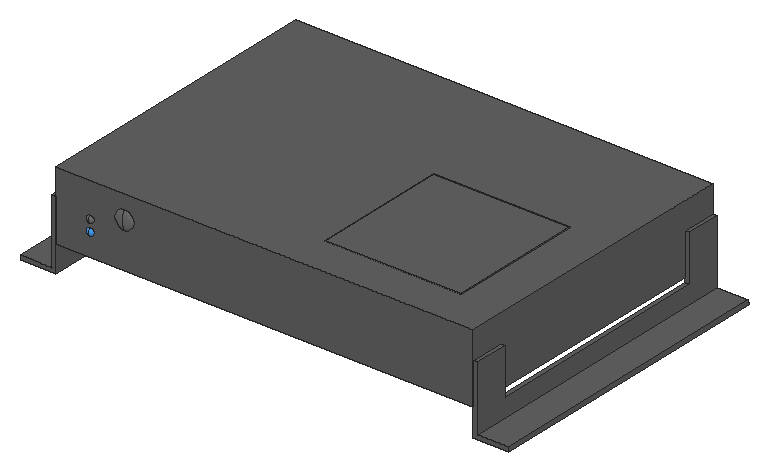
Revit family "Network AV Expander-Q-SYS-QIO-VEN4", category Communication Devices, host Face, Revit 2023
Family settings
  Host = Face
  Round Connector Dimension = Use Diameter
  Part Type = Normal
  OmniClass Number = 23.85.10.14
  OmniClass Title = Visual Information Systems
  Cut with Voids When Loaded = No
  Maintain Annotation Orientation = No
  Shared = No
  Room Calculation Point = No
Parameters (values of type "Under Surface")
  Width = 215.007 mm
  Weight Product = 1.72
  Weight Dimensional = 1.72
  Weight = 1.72 lbm
  Under Surface = not(On Surface)  # yes
  URL = "https://www.qsys.com/"
  Type Comments = "Under Surface"
  Product Page URL = "https://www.qsys.com/products/q-sys/roomsuite/roomsuite-modular-system/"
  Product Documentation Link = "https://www.qsys.com/resource-files/productresources/dn/roomsuite/q_dn_roomsuite_specsheet.pdf"
  Part Number = ""
  On Surface = no
  Model = "QIO-VEN4"  # constant formula
  Manufacturer URL = "https://www.qsys.com/"
  Manufacturer = "Q-SYS"
  LED X Offset = if(Under Surface, 15.0 mm, Body Width - 15.0 mm)  # 15.0 mm
  LED Material = Plastic - Q-SYS - LED Blue
  LED 2 Y Offset = if(Under Surface, 15.0 mm, Body Height - 15.0 mm)  # 15.0 mm
  LED 1 Y Offset = if(Under Surface, 10.0 mm, Body Height - 10.0 mm)  # 10.0 mm
  Intake Y Offset = 17.0 mm
  Intake X Offset = if(On Surface, 23.0 mm, Body Width - 23.0 mm - 60.0 mm)  # 104.4 mm
  IQ Category = "Network AV Expander"  # constant formula
  Highlight Material = Plastic - Q-SYS - Black
  Height = 30.5 mm
  Grille Material = Paint - Q-SYS - Black Mesh
  Frame Height = 30.5 mm
  Frame Depth = 2.0 mm
  Description = "Network AV Expander for Q-SYS RoomSuite Modular System platform."  # constant formula
  Depth = 131.5 mm
  Default Elevation = 1219.2 mm
  Button Y Offset = if(Under Surface, 20.0 mm, Body Height - 20.0 mm)  # 20.0 mm
  Button X Offset = if(Under Surface, 30.0 mm, Body Width - 30.0 mm)  # 30.0 mm
  Body Width = 187.4 mm
  Body Offset = if(On Surface, 0.0 mm, 12.0 mm)  # 12.0 mm
  Body Material = Paint - Q-SYS - Black
  Body Height = 30.5 mm
Types (3, lengths in mm): name | Under Surface | Type Comments | On Surface | LED X Offset | LED 2 Y Offset | LED 1 Y Offset | Intake X Offset | Button Y Offset | Button X Offset | Body Offset
  (no name) | yes | "Under Surface" | no | 15.0 | 15.0 | 10.0 | 104.4 | 20.0 | 30.0 | 12.0
  On Surface | no | "On Surface" | yes | 172.4 | 15.5 | 20.5 | 23.0 | 10.5 | 157.4 | 0.0
  Under Surface | yes | "Under Surface" | no | 15.0 | 15.0 | 10.0 | 104.4 | 20.0 | 30.0 | 12.0
Reference planes
  plane 1 "Center (Front/Back)": y = 0
  plane 2: z = 0
  plane 3 "Center (Left/Right)": x = 0
  plane 4 "Back": y = 65.75
  plane 5 "Front": y = -65.75
  plane 6 "Left": x = -107.504
  plane 7 "Right": x = 107.504
  plane 8 "frame left": x = -93.7
  plane 9 "frame right": x = 93.7
  plane 10 "body left": x = -91.7
  plane 11 "body right": x = 91.7
  plane 12 "Bottom": z = 0
  plane 13 "Top": z = 42.5
  plane 14 "frame top": z = 30.5
  plane 15: z = 2
  plane 16 "body bottom": z = 12
  plane 17: y = 50.75
  plane 18: y = -50.75
  plane 19: z = 10
  plane 20 "1": z = 22
  plane 21 "2": z = 27
  plane 22 "3": z = 32
  plane 23: x = -61.7
  plane 24: x = -76.7
  plane 25 "intake left": x = 12.7
  plane 26 "intake right": x = 72.7
  plane 27: y = 11.25
  plane 28: y = -48.75
Forms (mm)
  Extrusion 1, solid, material "Paint - Q-SYS - Black" <- "Body Material", detail levels medium+fine
    sketch origin (0, 0, 0) x (1, 0, 0) y (0, 0, 1)
      loop
        line (-107.504, 2) -> (-107.504, 0) -> (-91.7, 0) -> (-91.7, 30.5) -> (-93.7, 30.5) -> (-93.7, 2) -> (-107.504, 2)
      loop
        line (107.504, 2) -> (93.7, 2) -> (93.7, 30.5) -> (91.7, 30.5) -> (91.7, 0) -> (107.504, 0) -> (107.504, 2)
    from -65.75 to 65.75
  Extrusion 2, void
    sketch origin (0, 0, 0) x (0, 1, 0) y (0, 0, 1)
      loop
        line (50.75, 42.5) -> (-50.75, 42.5) -> (-50.75, 10) -> (50.75, 10) -> (50.75, 42.5)
    from -107.504 to 107.504
  Revolve 3, solid, material "Plastic - Q-SYS - Black" <- "Highlight Material", detail levels fine
    sketch origin (-61.7, -4572, 176.475) x (0, 0, 1) y (0, -1, 0)
      loop
        spline (-140.475, -4506.25) -> (-140.509, -4506.146) -> (-140.611, -4506.043) -> (-140.779, -4505.944) -> (-141.011, -4505.85) -> (-141.301, -4505.763) -> (-141.646, -4505.684) -> (-142.04, -4505.615) -> (-142.475, -4505.557) -> (-142.944, -4505.511) -> (-143.439, -4505.477) -> (-143.953, -4505.457) -> (-144.475, -4505.45)
        line (-144.475, -4505.45) -> (-144.475, -4506.25) -> (-140.475, -4506.25)
      axis (-144.475, -4506.25) -> (-144.475, -4505.25)
    angle from 0 to 360
  Revolve 4, solid, material "Plastic - Q-SYS - LED Blue" <- "LED Material", detail levels fine
    sketch origin (-76.7, -4572, 176.475) x (0, 0, 1) y (0, -1, 0)
      loop
        line (-154.475, -4506.25) -> (-152.982, -4506.25)
        spline (-152.982, -4506.25) -> (-152.994, -4506.146) -> (-153.033, -4506.043) -> (-153.095, -4505.944) -> (-153.182, -4505.85) -> (-153.29, -4505.763) -> (-153.419, -4505.684) -> (-153.566, -4505.615) -> (-153.728, -4505.557) -> (-153.903, -4505.511) -> (-154.088, -4505.477) -> (-154.28, -4505.457) -> (-154.475, -4505.45)
        line (-154.475, -4505.45) -> (-154.475, -4506.25)
      axis (-154.475, -4506.25) -> (-154.475, -4505.25)
    angle from 0 to 360
  Revolve 5, solid, material "Plastic - Q-SYS - Black" <- "Highlight Material", detail levels fine
    sketch origin (-76.7, -4572, 176.475) x (0, 0, 1) y (0, -1, 0)
      loop
        line (-149.475, -4506.25) -> (-147.982, -4506.25)
        spline (-147.982, -4506.25) -> (-147.994, -4506.146) -> (-148.033, -4506.043) -> (-148.095, -4505.944) -> (-148.182, -4505.85) -> (-148.29, -4505.763) -> (-148.419, -4505.684) -> (-148.566, -4505.615) -> (-148.728, -4505.557) -> (-148.903, -4505.511) -> (-149.088, -4505.477) -> (-149.28, -4505.457) -> (-149.475, -4505.45)
        line (-149.475, -4505.45) -> (-149.475, -4506.25)
      axis (-149.475, -4506.25) -> (-149.475, -4505.25)
    angle from 0 to 360
  Extrusion 6, solid, detail levels coarse
    sketch origin (0, 0, 0) x (1, 0, 0) y (0, 1, 0)
      loop
        line (-107.504, 65.75) -> (-107.504, -65.75) -> (107.504, -65.75) -> (107.504, 65.75) -> (-107.504, 65.75)
    from 0 to 42.5
  Extrusion 7, solid, material "Paint - Q-SYS - Black Mesh" <- "Grille Material", detail levels medium+fine
    sketch origin (0, 0, 42.5) x (-1, 0, 0) y (0, -1, 0)
      loop
        line (-12.7, -11.25) -> (-12.7, 48.75) -> (-72.7, 48.75) -> (-72.7, -11.25) -> (-12.7, -11.25)
    from -30.5 to 0
  Extrusion 8, solid, material "Paint - Q-SYS - Black" <- "Body Material", detail levels medium+fine
    sketch origin (0, 0, 42.5) x (-1, 0, 0) y (0, -1, 0)
      loop
        line (91.7, -65.75) -> (91.7, 65.75) -> (-91.7, 65.75) -> (-91.7, -65.75) -> (91.7, -65.75)
      loop
        line (-12.7, -11.25) -> (-12.7, 48.75) -> (-72.7, 48.75) -> (-72.7, -11.25) -> (-12.7, -11.25)
    from -30.5 to 0
Cuts and joins
  Extrusion 2 cuts Extrusion 1
Lines and regions (mm)
  Masking region 1
    outline origin (0, 0, 0) x (1, 0, 0) y (0, 1, 0)
      loop
        line (-107.504, 65.75) -> (-107.504, -65.75) -> (107.504, -65.75) -> (107.504, 65.75) -> (-107.504, 65.75)
  Masking region 2, detail levels coarse
    outline origin (0, 0, 0) x (1, 0, 0) y (0, 0, 1)
      loop
        line (107.504, 42.5) -> (-107.504, 42.5) -> (-107.504, 0) -> (107.504, 0) -> (107.504, 42.5)
  Masking region 3, detail levels medium+fine
    outline origin (0, 0, 0) x (1, 0, 0) y (0, 0, 1)
      loop
        line (-93.7, 30.5) -> (-93.7, 2) -> (-107.504, 2) -> (-107.504, 0) -> (-91.7, 0) -> (-91.7, 30.5) -> (-93.7, 30.5)
      loop
        line (107.504, 2) -> (93.7, 2) -> (93.7, 30.5) -> (91.7, 30.5) -> (91.7, 0) -> (107.504, 0) -> (107.504, 2)
  Masking region 4, detail levels medium+fine
    outline origin (0, 0, 0) x (1, 0, 0) y (0, 0, 1)
      loop
        line (91.7, 42.5) -> (-91.7, 42.5) -> (-91.7, 12) -> (91.7, 12) -> (91.7, 42.5)
  Masking region 5, detail levels coarse
    outline origin (0, 0, 0) x (0, 1, 0) y (0, 0, 1)
      loop
        line (-65.75, 42.5) -> (-65.75, 0) -> (65.75, 0) -> (65.75, 42.5) -> (-65.75, 42.5)
  Masking region 6, detail levels medium+fine
    outline origin (0, 0, 0) x (0, 1, 0) y (0, 0, 1)
      loop
        line (-50.75, 10) -> (-50.75, 30.5) -> (-65.75, 30.5) -> (-65.75, 0) -> (65.75, 0) -> (65.75, 30.5) -> (50.75, 30.5) -> (50.75, 10) -> (-50.75, 10)
  Masking region 7, detail levels medium+fine
    outline origin (0, 0, 0) x (0, 1, 0) y (0, 0, 1)
      loop
        line (-65.75, 42.5) -> (-65.75, 12) -> (65.75, 12) -> (65.75, 42.5) -> (-65.75, 42.5)
  symbolic lines, detail levels medium+fine
    curve 1: line (-91.7, 65.75, 0) -> (-91.7, -65.75, 0)
    curve 2: line (91.7, -65.75, 0) -> (91.7, 65.75, 0)
    curve 3: line (-93.7, 65.75, 42.5) -> (-93.7, -65.75, 42.5)
    curve 4: line (93.7, -65.75, 42.5) -> (93.7, 65.75, 42.5)
    curve 8: line (0, 65.75, 2) -> (0, -65.75, 2)
    curve 9: line (12.7, 11.25, 42.5) -> (72.7, 11.25, 42.5)
    curve 10: line (72.7, 11.25, 42.5) -> (72.7, -48.75, 42.5)
    curve 11: line (72.7, -48.75, 42.5) -> (12.7, -48.75, 42.5)
    curve 12: line (12.7, -48.75, 42.5) -> (12.7, 11.25, 42.5)
  symbolic lines, style "Detail", detail levels fine
    curve 5: circle (-61.7, -65.75, 32) r 4 normal (0, 1, 0)
    curve 6: circle (-76.7, -65.75, 27) r 1.493 normal (0, 1, 0)
    curve 7: circle (-76.7, -65.75, 22) r 1.493 normal (0, 1, 0)
Dimensions and locks
  equal spacing: plane 4 "Back", plane 1 "Center (Front/Back)", plane 5 "Front"
  "Depth": plane 4 "Back" to plane 5 "Front"
  equal spacing: plane 6 "Left", plane 3 "Center (Left/Right)", plane 7 "Right"
  "Width": plane 6 "Left" to plane 7 "Right"
  equal spacing: plane 8 "frame left", plane 3 "Center (Left/Right)", plane 9 "frame right"
  "Body Width": plane 8 "frame left" to plane 9 "frame right"
  "Frame Depth": plane 8 "frame left" to plane 10 "body left"
  "Frame Depth": plane 11 "body right" to plane 9 "frame right"
  "Frame Height": plane 14 "frame top" to plane 12 "Bottom"
  "Frame Depth": plane 15 to plane 12 "Bottom"
  "Body Height": plane 13 "Top" to plane 16 "body bottom"
  "Body Offset": plane 16 "body bottom" to plane 12 "Bottom"
  locked: plane 19 to plane 12 "Bottom" at 10
  locked: plane 4 "Back" to plane 17 at 15
  locked: plane 18 to plane 5 "Front" at 15
  "LED X Offset": plane 24 to plane 10 "body left"
  "Button X Offset": plane 23 to plane 10 "body left"
  "LED 1 Y Offset": plane 20 "1" to plane 16 "body bottom"
  "Button Y Offset": plane 22 "3" to plane 16 "body bottom"
  "LED 2 Y Offset": plane 21 "2" to plane 16 "body bottom"
  locked: plane 25 "intake left" to plane 26 "intake right" at 60
  locked: plane 27 to plane 28 at 60
  "Intake Y Offset": plane 28 to plane 5 "Front"
  "Intake X Offset": plane 10 "body left" to plane 25 "intake left"
  aligned and locked: plane 2 to host face
  aligned and locked: level to host face
  aligned and locked: plane 10 "body left" to Extrusion 1 sketch curve
  aligned and locked: Extrusion 1 sketch curve to plane 8 "frame left"
  aligned and locked: plane 14 "frame top" to Extrusion 1 sketch curve
  aligned and locked: Extrusion 1 sketch curve to plane 12 "Bottom"
  aligned and locked: plane 15 to Extrusion 1 sketch curve
  aligned and locked: Extrusion 1 sketch curve to plane 6 "Left"
  aligned and locked: Extrusion 1 sketch curve to plane 15
  aligned and locked: Extrusion 1 sketch curve to plane 9 "frame right"
  aligned and locked: Extrusion 1 sketch curve to plane 14 "frame top"
  aligned and locked: plane 11 "body right" to Extrusion 1 sketch curve
  aligned and locked: plane 12 "Bottom" to Extrusion 1 sketch curve
  aligned and locked: Extrusion 1 sketch curve to plane 7 "Right"
  aligned and locked: plane 4 "Back" to Extrusion 1
  aligned and locked: Extrusion 1 to plane 5 "Front"
  aligned and locked: plane 19 to Extrusion 2 sketch curve
  aligned and locked: Extrusion 2 sketch curve to plane 17
  aligned and locked: Extrusion 2 sketch curve to plane 13 "Top"
  aligned and locked: plane 18 to Extrusion 2 sketch curve
  aligned and locked: Extrusion 2 to plane 6 "Left"
  aligned and locked: plane 7 "Right" to Extrusion 2
  aligned and locked: Revolve 3 sketch curve to plane 22 "3"
  aligned and locked: Revolve 4 sketch curve to plane 20 "1"
  aligned and locked: plane 6 "Left" to Extrusion 6 sketch curve
  aligned and locked: Extrusion 6 sketch curve to plane 4 "Back"
  aligned and locked: Extrusion 6 sketch curve to plane 7 "Right"
  aligned and locked: plane 5 "Front" to Extrusion 6 sketch curve
  aligned and locked: level to plane 12 "Bottom"
  aligned and locked: plane 6 "Left" to Masking region 1 sketch curve
  aligned and locked: Masking region 1 sketch curve to plane 7 "Right"
  aligned and locked: Masking region 1 sketch curve to plane 4 "Back"
  aligned and locked: plane 5 "Front" to Masking region 1 sketch curve
  aligned and locked: curve 3 to cut or joined group of Extrusion 1, Extrusion 2
  aligned and locked: curve 4 to cut or joined group of Extrusion 1, Extrusion 2
  aligned and locked: Masking region 2 sketch curve to Extrusion 6  (x4)
  aligned and locked: Masking region 3 sketch curve to cut or joined group of Extrusion 1, Extrusion 2  (x12)
  aligned and locked: curve 5 to Revolve 3
  aligned and locked: curve 6 to Revolve 5
  aligned and locked: curve 7 to Revolve 4
  aligned and locked: Extrusion 6 to plane 12 "Bottom"
  aligned and locked: plane 13 "Top" to Extrusion 6
  aligned and locked: Masking region 5 sketch curve to Extrusion 6  (x4)
  aligned and locked: Masking region 6 sketch curve to cut or joined group of Extrusion 1, Extrusion 2  (x6)
  aligned and locked: Masking region 6 sketch curve to plane 12 "Bottom"
  aligned and locked: curve 8 to cut or joined group of Extrusion 1, Extrusion 2
  aligned and locked: plane 25 "intake left" to Extrusion 7 sketch curve
  aligned and locked: Extrusion 7 sketch curve to plane 26 "intake right"
  aligned and locked: Extrusion 7 sketch curve to plane 28
  aligned and locked: plane 27 to Extrusion 7 sketch curve
  aligned and locked: Extrusion 8 sketch curve to plane 11 "body right"
  aligned and locked: plane 5 "Front" to Extrusion 8 sketch curve
  aligned and locked: plane 10 "body left" to Extrusion 8 sketch curve
  aligned and locked: Extrusion 8 sketch curve to plane 4 "Back"
  aligned and locked: Extrusion 8 sketch curve to Extrusion 7  (x4)
  aligned and locked: Extrusion 8 to plane 16 "body bottom"
  aligned and locked: plane 13 "Top" to Extrusion 8
  aligned and locked: Extrusion 7 to plane 16 "body bottom"
  aligned and locked: plane 13 "Top" to Extrusion 7
  aligned and locked: curve 9 to Extrusion 8
  aligned and locked: curve 10 to Extrusion 8
  aligned and locked: curve 11 to Extrusion 8
  aligned and locked: curve 12 to Extrusion 8
Automatic sketch dimensions
  host sketch curve to host sketch curve = 2438.4 mm  (x2)
  Revolve 3 sketch curve to plane 22 "3" = 0.0 mm  (x2)
  Revolve 3 sketch curve to plane 5 "Front" = 0.0 mm
  Revolve 3 sketch curve to Revolve 3 sketch curve = 4.0 mm
  plane 5 "Front" to Revolve 3 sketch curve = 0.8 mm
  Revolve 3 sketch curve to plane 18 = 13.2 mm
  Revolve 3 sketch curve to Revolve 3 sketch curve = 16.0 mm
  Revolve 4 sketch curve to plane 5 "Front" = 0.0 mm  (x2)
  Revolve 4 sketch curve to plane 20 "1" = 0.0 mm
  Revolve 4 sketch curve to Revolve 4 sketch curve = 0.8 mm
  plane 20 "1" to Revolve 4 sketch curve = 1.493 mm
  Revolve 4 sketch curve to Revolve 4 sketch curve = 5.187 mm
  Revolve 4 sketch curve to Revolve 4 sketch curve = 6.642 mm
  Revolve 5 sketch curve to plane 21 "2" = 0.0 mm  (x2)
  Revolve 5 sketch curve to plane 5 "Front" = 0.0 mm
  plane 21 "2" to Revolve 5 sketch curve = 1.493 mm
  Revolve 5 sketch curve to Revolve 5 sketch curve = 0.8 mm
  Revolve 5 sketch curve to Revolve 5 sketch curve = 5.187 mm
  Revolve 5 sketch curve to Revolve 5 sketch curve = 6.642 mm
  curve 1 to plane 5 "Front" = 0.0 mm
  curve 1 to plane 4 "Back" = 0.0 mm
  curve 2 to plane 5 "Front" = 0.0 mm
  curve 2 to plane 4 "Back" = 0.0 mm
  curve 3 to plane 4 "Back" = 0.0 mm
  curve 3 to plane 5 "Front" = 0.0 mm
  curve 4 to plane 4 "Back" = 0.0 mm
  curve 4 to plane 5 "Front" = 0.0 mm
  Masking region 6 sketch curve to plane 14 "frame top" = 0.0 mm
  curve 8 to plane 5 "Front" = 0.0 mm
  curve 8 to plane 4 "Back" = 0.0 mm
  curve 1 to plane 10 "body left" = 0.0 mm
  curve 2 to plane 11 "body right" = 0.0 mm
  Masking region 4 sketch curve to plane 10 "body left" = 0.0 mm
  Masking region 4 sketch curve to plane 11 "body right" = 0.0 mm
  Masking region 4 sketch curve to plane 16 "body bottom" = 0.0 mm
  Masking region 4 sketch curve to plane 13 "Top" = 0.0 mm
  Masking region 7 sketch curve to plane 5 "Front" = 0.0 mm
  Masking region 7 sketch curve to plane 4 "Back" = 0.0 mm
  Masking region 7 sketch curve to plane 16 "body bottom" = 0.0 mm
  Masking region 7 sketch curve to plane 13 "Top" = 0.0 mm
Connectors
  electrical at (0, 65.75, 27.25)
    settings: on Extrusion 8, index 2, voltage 0 V, apparent load 0 VA, apparent load phase1 0 VA, apparent load phase2 0 VA, apparent load phase3 0 VA, power factor 1, load classification "Other", number of poles 1, system type 5, power factor state 1, is connector primary yes, connector utility no, sub classification motor no, connector description "PoE In"
  electrical at (0, 65.75, 27.25)
    settings: on Extrusion 8, index 3, voltage 0 V, apparent load 0 VA, apparent load phase1 0 VA, apparent load phase2 0 VA, apparent load phase3 0 VA, power factor 1, load classification "Other", number of poles 1, system type 13, power factor state 1, is connector primary no, connector utility no, sub classification motor no, connector description "Controls"
  electrical at (0, 65.75, 27.25)
    settings: on Extrusion 8, index 4, voltage 0 V, apparent load 0 VA, apparent load phase1 0 VA, apparent load phase2 0 VA, apparent load phase3 0 VA, power factor 1, load classification "Other", number of poles 1, system type 5, power factor state 1, is connector primary no, connector utility no, sub classification motor no, connector description "PoE 1 Out"
  electrical at (0, 65.75, 27.25)
    settings: on Extrusion 8, index 5, voltage 0 V, apparent load 0 VA, apparent load phase1 0 VA, apparent load phase2 0 VA, apparent load phase3 0 VA, power factor 1, load classification "Other", number of poles 1, system type 5, power factor state 1, is connector primary no, connector utility no, sub classification motor no, connector description "PoE 2 Out"
  electrical at (0, 65.75, 27.25)
    settings: on Extrusion 8, index 6, voltage 0 V, apparent load 0 VA, apparent load phase1 0 VA, apparent load phase2 0 VA, apparent load phase3 0 VA, power factor 1, load classification "Other", number of poles 1, system type 5, power factor state 1, is connector primary no, connector utility no, sub classification motor no, connector description "PoE 3 Out"
  electrical at (0, 65.75, 27.25)
    settings: on Extrusion 8, index 7, voltage 0 V, apparent load 0 VA, apparent load phase1 0 VA, apparent load phase2 0 VA, apparent load phase3 0 VA, power factor 1, load classification "Other", number of poles 1, system type 5, power factor state 1, is connector primary no, connector utility no, sub classification motor no, connector description "PoE 4 Out"
